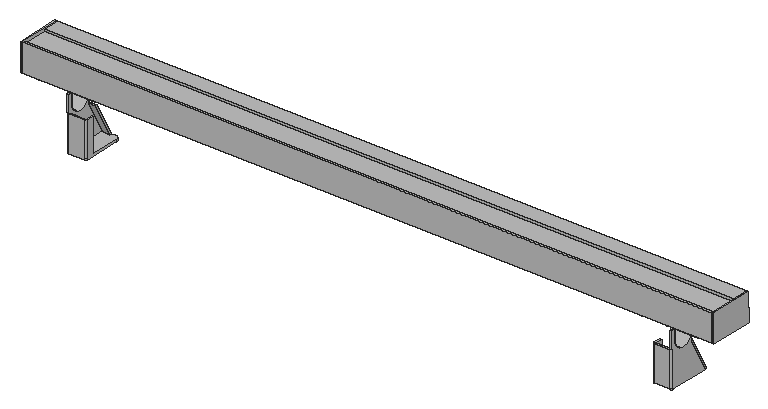
Revit family "4070756+4070747+4070771 Feilo Sylvania Lighting Fixtures CURSUS 876MM 653LM OVAL LED 4K with SINGLE WALL HOUSING with 70MM WALL BRACKET", category Lighting Fixtures, host Face, Revit 2017
Family settings
  Host = Face
  Round Connector Dimension = Use Diameter
  Part Type = Normal
  OmniClass Number = 23.80.70.14
  OmniClass Title = Luminaries for External Lighting
  Cut with Voids When Loaded = Yes
  Light Source = No
  Shared = No
  Room Calculation Point = No
Parameters (values of type "4070756 CURSUS 876MM 653LM OVAL LED 4K")
  Weight = "1.7 kg"
  Wattage Comments = "n/a"
  WarrantyStartDate [instance] = "n/a"
  WarrantyGuarantorParts = "n/a"
  WarrantyDurationUnit = "n/a"
  WarrantyDurationParts = "n/a"
  WarrantyDescription = "n/a"
  Voltage = 24 V
  URL = "http://www.sylvania-lighting.com"
  TypeName = "CURSUS 876MM 653LM OVAL LED 4K"
  TypeFixture_FEILO = CURSUS with SINGLE WALL HOUSING : CURSUS 876MM 653LM OVAL LED 4K
  Type Image = <None>
  Type Comments = "n/a"
  TiltAngle [instance] = 0.00°
  StartAngle [instance] = TiltAngle + 270.00°  # 270.00°
  SerialNumber [instance] = "n/a"
  ReflectorMaterial = none
  PowerFactor = 0
  PowerConsumption = "13.5 W"
  NominalLength = 876 mm
  NominalHeight = 50 mm
  NominalDepth = 30 mm
  Name = "CURSUS 876MM 653LM OVAL LED 4K"
  ModelReference = Name  # "CURSUS 876MM 653LM OVAL LED 4K"
  ModelNumber = "4070756"
  Model = Name  # "CURSUS 876MM 653LM OVAL LED 4K"
  Material = "natural anodised extruded aluminium structure housing, optical system with pmma lenses diffuser"
  ManufacturerName = "Feilo Sylvania"
  Manufacturer = "Feilo Sylvania"
  LuminousEfficacy = "48.37 lm/W"
  LuminaireType = ""
  LightOutputRatio = "100"
  LampsType = Lamp  # "LED"
  LampNominalLuminous = "653 lm"
  LampMacAdamStep = "n/a"
  LampColourTemperature = "4000 K"
  LampColourRenderingIndex = "80"
  Lamp = "LED"
  Keynote = "16500"
  InstallationDate [instance] = "n/a"
  InputVoltage = "24V DC"
  InputNominalFrequency = "n/a"
  IngressProtection = "IP67"
  ImpactProtectionIndex = "IK07"
  IfcExportType = "IfcLightFixtureType"
  IfcExportAs = "IfcLightFixtureType"
  ExpectedLife = 50000
  EndAngle [instance] = StartAngle - 180.00°  # 90.00°
  ElectricShockClassification = "Class III"
  DurationUnit = "hours"
  DocumentationLiterature = "http://www.sylvania-lighting.com/product/en-int/products/4070756"
  DimmingControlOptions = "n/a"
  DiffuserMaterial = Diffuser-Sylvania-Glow
  Description = "LED Exterior Lighting Recessed Surface Mounted Linear Fixture, Natural anodised extruded aluminium structure. Die-cast aluminium end caps. Installation kit with harmonic steel springs., 653 lm, 13,5W,  48lm/W, 4000K, CRI80+,non dimmable,IP67, IK07, (HxWxD) 876x50x30mm, 3 step Mac Adam Ellipse, 1.7kg,, Classe III, 21-25V-DC, energy class : A++, A+, A"
  Default Elevation = 1219.2 mm
  CreatedOn = "1/8/2018"
  CreatedBy = ""
  Cost = 0
  built-in parameter 1114216 [instance] = (empty or 0)
  ClassificationValue = "EF_70_80"
  ClassificationName = "Uniclass2015"
  BracketWidth = 24 mm
  BracketThickness = 2 mm
  BracketHeightEnd = 32 mm
  BracketHeight = 55 mm
  BracketFlange = BracketHeight / 5  # 11 mm
  BracketExtension = 70 mm
  BracketEndReduction = 25 mm
  BracketC = 22 mm  # constant formula
  BracketDistance = 745 mm
  BracketD = BracketHeightEnd - (BracketC * (BracketHeight - BracketHeightEnd) / (BracketExtension - BracketEndReduction))  # 20.756 mm
  BodyMaterial = Body-Sylvania-Gray
  BarCode [instance] = "n/a"
  AssetType = "Fixed"
  AssetIdentifier [instance] = "n/a"
  Assembly Code = "D5020200"
  Apparent Load = 13.5 VA
  AccessoryMaterial = Diffuser-Sylvania-Glow
Reference planes
  plane 1 "Center (Front/Back)": y = 0
  plane 2: z = 0
  plane 3 "Center (Left/Right)": x = 0
  plane 4: x = -384.5
  plane 5: x = 384.5
  plane 6: y = 55
  plane 7: x = -360.5
  plane 8: x = 360.5
  plane 9: z = 70
  plane 10: z = 56
  plane 11: z = 2
  plane 12: z = 45
  plane 13: x = -382.5
  plane 14: y = 53
  plane 15: y = 2
  plane 16: x = -362.5
  plane 17: x = 362.5
  plane 18: x = 382.5
  plane 19: x = -372.5
  plane 20: x = 372.5
  plane 21: y = 11
  plane 22: y = 32
  plane 23: y = 30
  plane 24: z = 67
  plane 25: y = 20.756
  plane 26: y = 16
Forms (mm)
  Blend 1, solid, material "Body-Sylvania-Gray" <- "BodyMaterial"
    base sketch origin (1223.4, -4572, 2) x (0, -1, 0) y (1, 0, 0)
      loop
        line (-4625, -1595.9) -> (-4627, -1595.9) -> (-4627, -1605.9)
        arc (-4627, -1605.9) -> (-4626.414, -1607.314) -> (-4625, -1607.9) r 2
        line (-4625, -1607.9) -> (-4574, -1607.9)
        arc (-4574, -1607.9) -> (-4572.586, -1607.314) -> (-4572, -1605.9) r 2
        line (-4572, -1605.9) -> (-4572, -1585.9)
        arc (-4572, -1585.9) -> (-4572.586, -1584.486) -> (-4574, -1583.9) r 2
        line (-4574, -1583.9) -> (-4583, -1583.9) -> (-4583, -1585.9) -> (-4574, -1585.9) -> (-4574, -1605.9) -> (-4625, -1605.9) -> (-4625, -1595.9)
    top sketch origin (1223.4, -4572, 2) x (0, -1, 0) y (1, 0, 0)
      loop
        line (-4583, -1585.9) -> (-4574, -1585.9) -> (-4574, -1605.9) -> (-4602, -1605.9) -> (-4602, -1595.9) -> (-4604, -1595.9) -> (-4604, -1605.9)
        arc (-4604, -1605.9) -> (-4603.52, -1607.21) -> (-4602.309, -1607.9) r 2.028
        line (-4602.309, -1607.9) -> (-4574, -1607.9)
        arc (-4574, -1607.9) -> (-4572.586, -1607.314) -> (-4572, -1605.9) r 2
        line (-4572, -1605.9) -> (-4572, -1585.9)
        arc (-4572, -1585.9) -> (-4572.586, -1584.486) -> (-4574, -1583.9) r 2
        line (-4574, -1583.9) -> (-4583, -1583.9) -> (-4583, -1585.9)
    from 0 to 43
  Extrusion 2, solid, material "Body-Sylvania-Gray" <- "BodyMaterial"
    sketch origin (0, 0, 0) x (1, 0, 0) y (0, 1, 0)
      loop
        arc (-382.5, 55) -> (-383.914, 54.414) -> (-384.5, 53) r 2
        line (-384.5, 53) -> (-384.5, 2)
        arc (-384.5, 2) -> (-383.914, 0.586) -> (-382.5, 0) r 2
        line (-382.5, 0) -> (-362.5, 0)
        arc (-362.5, 0) -> (-361.086, 0.586) -> (-360.5, 2) r 2
        line (-360.5, 2) -> (-360.5, 47.5)
        arc (-360.5, 47.5) -> (-362.697, 52.803) -> (-368, 55) r 7.5
        line (-368, 55) -> (-382.5, 55)
      loop
        line (382.5, 55) -> (368, 55)
        arc (368, 55) -> (362.697, 52.803) -> (360.5, 47.5) r 7.5
        line (360.5, 47.5) -> (360.5, 2)
        arc (360.5, 2) -> (361.086, 0.586) -> (362.5, 0) r 2
        line (362.5, 0) -> (382.5, 0)
        arc (382.5, 0) -> (383.914, 0.586) -> (384.5, 2) r 2
        line (384.5, 2) -> (384.5, 53)
        arc (384.5, 53) -> (383.914, 54.414) -> (382.5, 55) r 2
    from 0 to 2
  Blend 3, solid, material "Body-Sylvania-Gray" <- "BodyMaterial"
    base sketch origin (1223.4, -4572, 2) x (0, -1, 0) y (1, 0, 0)
      loop
        line (-4625, -840.9) -> (-4574, -840.9) -> (-4574, -860.9) -> (-4583, -860.9) -> (-4583, -862.9) -> (-4574, -862.9)
        arc (-4574, -862.9) -> (-4572.586, -862.314) -> (-4572, -860.9) r 2
        line (-4572, -860.9) -> (-4572, -840.9)
        arc (-4572, -840.9) -> (-4572.586, -839.486) -> (-4574, -838.9) r 2
        line (-4574, -838.9) -> (-4625, -838.9)
        arc (-4625, -838.9) -> (-4626.414, -839.486) -> (-4627, -840.9) r 2
        line (-4627, -840.9) -> (-4627, -850.9) -> (-4625, -850.9) -> (-4625, -840.9)
    top sketch origin (1223.4, -4572, 2) x (0, -1, 0) y (1, 0, 0)
      loop
        line (-4602, -850.9) -> (-4602, -840.9) -> (-4574, -840.9) -> (-4574, -860.9) -> (-4583, -860.9) -> (-4583, -862.9) -> (-4574, -862.9)
        arc (-4574, -862.9) -> (-4572.586, -862.314) -> (-4572, -860.9) r 2
        line (-4572, -860.9) -> (-4572, -840.9)
        arc (-4572, -840.9) -> (-4572.586, -839.486) -> (-4574, -838.9) r 2
        line (-4574, -838.9) -> (-4602, -838.9)
        arc (-4602, -838.9) -> (-4603.414, -839.486) -> (-4604, -840.9) r 2
        line (-4604, -840.9) -> (-4604, -850.9) -> (-4602, -850.9)
    from 0 to 43
  Blend 4, solid, material "Body-Sylvania-Gray" <- "BodyMaterial"
    base sketch origin (1223.4, -4572, 45) x (0, -1, 0) y (1, 0, 0)
      loop
        line (-4604, -1607.9) -> (-4572, -1607.9) -> (-4572, -1605.9) -> (-4604, -1605.9) -> (-4604, -1607.9)
    top sketch origin (1223.4, -4572, 45) x (0, -1, 0) y (1, 0, 0)
      loop
        line (-4572, -1607.9) -> (-4572, -1605.9) -> (-4592.756, -1605.9) -> (-4592.756, -1607.9) -> (-4572, -1607.9)
    from 0 to 22
  Blend 5, solid, material "Body-Sylvania-Gray" <- "BodyMaterial"
    base sketch origin (1223.4, -4572, 45) x (0, -1, 0) y (1, 0, 0)
      loop
        line (-4604, -840.9) -> (-4572, -840.9) -> (-4572, -838.9) -> (-4604, -838.9) -> (-4604, -840.9)
    top sketch origin (1223.4, -4572, 45) x (0, -1, 0) y (1, 0, 0)
      loop
        line (-4572, -838.9) -> (-4592.756, -838.9) -> (-4592.756, -840.9) -> (-4572, -840.9) -> (-4572, -838.9)
    from 0 to 22
  Extrusion 6, void
    sketch origin (0, 0, 0) x (0, 1, 0) y (0, 0, 1)
      loop
        line (0, 45) -> (2, 45) -> (2, 46.5) -> (0, 46.5) -> (0, 45)
      loop
        line (32, 45) -> (32, 46.5) -> (30, 46.5) -> (30, 45) -> (32, 45)
    from -384.5 to 384.5
  Revolve 7, solid, not visible
    sketch origin (1524, 16, 1219.2) x (1, 0, 0) y (0, 0, 1)
      loop
        line (-1524, -1152.2) -> (-1524, -1163.2) -> (-1151.5, -1163.2) -> (-1151.5, -1152.2) -> (-1524, -1152.2)
      axis (-1151.5, -1163.2) -> (-1524, -1163.2)
    angle from 270 <- "StartAngle" to 90 <- "EndAngle"
Cuts and joins
  Extrusion 6 cuts Blend 4
  Extrusion 6 cuts Blend 5
  joined: Blend 1, Extrusion 2, Blend 3, Blend 4, Blend 5
Lines and regions (mm)
  reference lines, not visible
    curve 1: line (-360.5, 16, 56) -> (360.5, 16, 56)
Dimensions and locks
  equal spacing: plane 4, plane 3 "Center (Left/Right)", plane 5
  "BracketDistance": plane 19 to plane 20
  "BracketHeight": plane 1 "Center (Front/Back)" to plane 6
  equal spacing: plane 7, plane 3 "Center (Left/Right)", plane 8
  "BracketWidth": plane 4 to plane 7
  "BracketExtension": plane 9 to plane 2
  "BracketThickness": plane 11 to plane 2
  "BracketEndReduction": plane 9 to plane 12
  equal spacing: plane 13, plane 3 "Center (Left/Right)", plane 18
  equal spacing: plane 16, plane 3 "Center (Left/Right)", plane 17
  "BracketThickness": plane 4 to plane 13
  "BracketThickness": plane 16 to plane 7
  "BracketThickness": plane 14 to plane 6
  "BracketThickness": plane 1 "Center (Front/Back)" to plane 15
  equal spacing: plane 4, plane 19, plane 7
  equal spacing: plane 8, plane 20, plane 5
  "BracketFlange": plane 1 "Center (Front/Back)" to plane 21
  "BracketHeightEnd": plane 1 "Center (Front/Back)" to plane 22
  "BracketThickness": plane 23 to plane 22
  locked: Extrusion 2 sketch curve to plane 7 at 7.5
  locked: Extrusion 2 sketch curve to plane 6 at 7.5  (x2)
  locked: plane 8 to Extrusion 2 sketch curve at 7.5
  "BracketC": plane 24 to plane 12
  "BracketD": plane 1 "Center (Front/Back)" to plane 25
  locked: plane 12 to Extrusion 6 sketch curve at 1.5
  equal spacing: plane 24, plane 10, plane 12
  equal spacing: plane 1 "Center (Front/Back)", plane 26, plane 22
  aligned and locked: plane 2 to host face
  aligned and locked: level to host face
  aligned and locked: plane 4 to Blend 1 sketch curve  (x2)
  aligned and locked: plane 13 to Blend 1 sketch curve  (x3)
  aligned and locked: Blend 1 sketch curve to plane 15
  aligned and locked: Blend 1 sketch curve to plane 16
  aligned and locked: Blend 1 sketch curve to plane 21
  aligned and locked: plane 7 to Blend 1 sketch curve
  aligned and locked: plane 16 to Blend 1 sketch curve
  aligned and locked: plane 1 "Center (Front/Back)" to Blend 1 sketch curve
  aligned and locked: plane 14 to Blend 1 sketch curve
  aligned and locked: Blend 1 sketch curve to var sketch  (x6)
  aligned and locked: Blend 1 sketch curve to plane 19
  aligned and locked: Blend 1 sketch curve to plane 22
  aligned and locked: plane 23 to Blend 1 sketch curve
  aligned and locked: plane 11 to Blend 1
  aligned and locked: Extrusion 2 sketch curve to Blend 1  (x3)
  aligned and locked: Extrusion 2 to level
  aligned and locked: Extrusion 2 to plane 11
  aligned and locked: Extrusion 2 sketch curve to plane 7
  aligned and locked: plane 18 to Blend 3 sketch curve  (x4)
  aligned and locked: plane 14 to Blend 3 sketch curve  (x2)
  aligned and locked: Blend 3 sketch curve to plane 20
  aligned and locked: Blend 3 sketch curve to plane 6
  aligned and locked: plane 5 to Blend 3 sketch curve
  aligned and locked: plane 1 "Center (Front/Back)" to Blend 3 sketch curve
  aligned and locked: plane 15 to Blend 3 sketch curve  (x2)
  aligned and locked: Blend 3 sketch curve to plane 8
  aligned and locked: Blend 3 sketch curve to plane 21
  aligned and locked: plane 17 to Blend 3 sketch curve
  aligned and locked: Blend 3 sketch curve to plane 18
  aligned and locked: plane 20 to Blend 3 sketch curve  (x2)
  aligned and locked: Blend 3 sketch curve to plane 23
  aligned and locked: Blend 3 sketch curve to var sketch  (x8)
  aligned and locked: var sketch to Blend 3 sketch curve
  aligned and locked: plane 22 to Blend 3 sketch curve
  aligned and locked: plane 11 to Blend 3
  aligned and locked: Extrusion 2 sketch curve to Blend 3  (x4)
  aligned and locked: Blend 1 to plane 12
  aligned and locked: Blend 3 to plane 12
  aligned and locked: Blend 4 sketch curve to plane 22
  aligned and locked: Blend 4 sketch curve to cut or joined group of Blend 1, Extrusion 2, Blend 3, Blend 4, Blend 5, Extrusion 6  (x2)
  aligned and locked: cut or joined group of Blend 1, Extrusion 2, Blend 3, Blend 4, Blend 5, Extrusion 6 to Blend 4 sketch curve
  aligned and locked: Blend 4 sketch curve to var sketch  (x2)
  aligned and locked: Blend 4 sketch curve to plane 13
  aligned and locked: Blend 4 to plane 24
  aligned and locked: Blend 4 sketch curve to plane 25
  aligned and locked: Blend 5 sketch curve to plane 18  (x2)
  aligned and locked: plane 1 "Center (Front/Back)" to Blend 5 sketch curve
  aligned and locked: plane 5 to Blend 5 sketch curve
  aligned and locked: plane 22 to Blend 5 sketch curve
  aligned and locked: Blend 5 sketch curve to var sketch
  aligned and locked: var sketch to Blend 5 sketch curve
  aligned and locked: Blend 5 sketch curve to plane 25
  aligned and locked: Blend 5 to plane 24
  aligned and locked: plane 12 to Blend 5
  aligned and locked: Extrusion 6 sketch curve to cut or joined group of Blend 1, Extrusion 2, Blend 3, Blend 4, Blend 5, Extrusion 6  (x2)
  aligned and locked: Extrusion 6 sketch curve to Extrusion 6 sketch curve
  aligned and locked: Extrusion 6 sketch curve to plane 15
  aligned and locked: plane 5 to Extrusion 6
  aligned and locked: Extrusion 6 to plane 4
  aligned and locked: Extrusion 6 sketch curve to plane 23
  aligned and locked: Revolve 7 sketch curve to plane 10  (x2)
  aligned and locked: plane 24 to Revolve 7 sketch curve
  aligned and locked: plane 3 "Center (Left/Right)" to Revolve 7 sketch curve
  aligned and locked: Revolve 7 sketch curve to plane 20
  aligned and locked: plane 7 to curve 1
  aligned and locked: plane 10 to curve 1
  aligned and locked: nested 1 to plane 5
  aligned and locked: nested 2 to plane 4
  aligned and locked: nested 1 to curve 1
  aligned and locked: nested 2 to curve 1
  aligned and locked: nested 1 to nested 3
  aligned and locked: nested 3 to plane 3 "Center (Left/Right)"
Automatic sketch dimensions
  host sketch curve to host sketch curve = 2438.4 mm  (x2)
  Blend 1 sketch curve to plane 13 = 0 mm
  plane 15 to Blend 1 sketch curve = 0 mm  (x3)
  Blend 1 sketch curve to plane 23 = 0.309 mm
  plane 6 to Blend 1 sketch curve = 0 mm
  plane 14 to Blend 1 sketch curve = 0 mm
  Blend 1 sketch curve to plane 19 = 0 mm
  Blend 3 sketch curve to plane 17 = 0 mm
  Extrusion 6 sketch curve to plane 1 "Center (Front/Back)" = 0 mm
  plane 12 to Extrusion 6 sketch curve = 0 mm
  Revolve 7 sketch curve to plane 4 = 1153 mm
  plane 5 to Revolve 7 sketch curve = 1161.4 mm
  curve 1 to plane 8 = 0 mm
Nested families
  nested 1: "MountingPlate" at (383.5, 16, 56) x (-1, 0, 0) z (0, 0, 1), type "MountingPlate"
  nested 2: "MountingPlate" at (-383.5, 16, 56) x (-1, 0, 0) z (0, 0, 1), type "MountingPlate"
  nested 3: "CURSUS with SINGLE WALL HOUSING" at (0, -4, 74) x (-1, 0, 0) z (0, 0, 1), type <- "TypeFixture_FEILO", type "CURSUS 876MM 653LM OVAL LED 4K"
    with WarrantyStartDate "n/a", SerialNumber "n/a", InstallationDate "n/a", EndCapRight yes, EndCapLeft yes, built-in parameter 1114216 (empty or 0), BarCode "n/a", AssetIdentifier "n/a"
Connectors
  electrical at (0, 0, 0), driven by "Voltage", driven by "Apparent Load", driven by "PowerFactor"
    settings: index 1, voltage 24 V, apparent load 13.5 VA, apparent load phase1 0 VA, apparent load phase2 0 VA, apparent load phase3 0 VA, power factor 0, load classification "Other", number of poles 1, system type 30, power factor state 1, is connector primary yes, connector utility no, sub classification motor no, connector description ""
Definition of nested family "MountingPlate"
  Parameters (values of type "MountingPlate")
    URL = "http://www.feilosylvania.com"
    Type Comments = "n/a"
    ReflectorMaterial = none
    MountingPlateWidth = 76 mm
    MountingPlateThickness = 2 mm
    MountingPlateRadiusBack = 12 mm
    MountingPlateRadius = 3 mm
    MountingPlateHeight = 35 mm
    Model = "n/a"
    Manufacturer = "Feilo Sylvania"
    Keynote = "n/a"
    DiffuserMaterial = none
    Description = "n/a"
    Default Elevation = 1219.2 mm
    Cost = 0
    BodyMaterial = none
    Assembly Code = "n/a"
    AccessoryMaterial = none
  Reference planes
    plane 1 "Center (Front/Back)": y = 0
    plane 2: z = 0
    plane 3 "Center (Left/Right)": x = 0
    plane 4: x = -38
    plane 5: x = 38
    plane 6: y = 17.5
    plane 7: y = -17.5
    plane 8: x = -3
    plane 9: x = 3
    plane 10: z = 18
    plane 11: z = 16
    plane 12: y = 12.5
    plane 13: y = -12.5
    plane 14: x = -1
    plane 15: x = 1
    plane 16: z = -12.5
    plane 17: z = -14.5
  Forms (mm)
    Extrusion 1, solid
      sketch origin (1.653, 0, 0) x (1, 0, 0) y (0, 1, 0)
        loop
          line (-1219.2, 1219.2) -> (-1219.2, -1219.2) -> (1219.2, -1219.2) -> (1219.2, 1219.2) -> (-1219.2, 1219.2)
      from 0 to -304.8
    Extrusion 2, solid, material <- "BodyMaterial"
      sketch origin (1218.4, -4572, 16) x (0, -1, 0) y (-1, 0, 0)
        loop
          line (-4589.5, 1253.4) -> (-4589.5, 1224.4)
          arc (-4589.5, 1224.4) -> (-4588.621, 1222.279) -> (-4586.5, 1221.4) r 3
          line (-4586.5, 1221.4) -> (-4557.5, 1221.4)
          arc (-4557.5, 1221.4) -> (-4555.379, 1222.279) -> (-4554.5, 1224.4) r 3
          line (-4554.5, 1224.4) -> (-4554.5, 1253.4)
          arc (-4554.5, 1253.4) -> (-4555.379, 1255.521) -> (-4557.5, 1256.4) r 3
          line (-4557.5, 1256.4) -> (-4586.5, 1256.4)
          arc (-4586.5, 1256.4) -> (-4588.621, 1255.521) -> (-4589.5, 1253.4) r 3
        loop
          arc (-4589.5, 1183.4) -> (-4588.621, 1181.279) -> (-4586.5, 1180.4) r 3
          line (-4586.5, 1180.4) -> (-4557.5, 1180.4)
          arc (-4557.5, 1180.4) -> (-4555.379, 1181.279) -> (-4554.5, 1183.4) r 3
          line (-4554.5, 1183.4) -> (-4554.5, 1212.4)
          arc (-4554.5, 1212.4) -> (-4555.379, 1214.521) -> (-4557.5, 1215.4) r 3
          line (-4557.5, 1215.4) -> (-4586.5, 1215.4)
          arc (-4586.5, 1215.4) -> (-4588.621, 1214.521) -> (-4589.5, 1212.4) r 3
          line (-4589.5, 1212.4) -> (-4589.5, 1183.4)
      from 0 to -2
    Extrusion 3, solid, material <- "BodyMaterial"
      sketch origin (0, 0, 0) x (1, 0, 0) y (0, 0, 1)
        loop
          line (-3, 18) -> (-3, -12.5) -> (-1, -12.5) -> (-1, 16)
          arc (-1, 16) -> (-1.586, 17.414) -> (-3, 18) r 2
        loop
          line (3, -12.5) -> (3, 18)
          arc (3, 18) -> (1.586, 17.414) -> (1, 16) r 2
          line (1, 16) -> (1, -12.5) -> (3, -12.5)
      from -12.5 to 12.5
    Extrusion 4, void
      sketch origin (0, 0, 0) x (0, 1, 0) y (0, 0, 1)
        loop
          line (-12.5, -0.5) -> (-17.5, -0.5) -> (-17.5, -14.5) -> (-0.5, -14.5) -> (-0.5, -12.5)
          arc (-0.5, -12.5) -> (-8.985, -8.985) -> (-12.5, -0.5) r 12
        loop
          line (0.5, -12.5) -> (0.5, -14.5) -> (17.5, -14.5) -> (17.5, -0.5) -> (12.5, -0.5)
          arc (12.5, -0.5) -> (8.985, -8.985) -> (0.5, -12.5) r 12
      from -3 to 3
  Cuts and joins
    Extrusion 4 cuts Extrusion 2
    Extrusion 4 cuts Extrusion 3
    joined: Extrusion 2, Extrusion 3
  Lines and regions (mm)
    reference lines
      curve 1: line (-38, 0, 0) -> (38, 0, 0)
  Dimensions and locks
    equal spacing: plane 4, plane 3 "Center (Left/Right)", plane 5
    "MountingPlateWidth": plane 4 to plane 5
    equal spacing: plane 7, plane 1 "Center (Front/Back)", plane 6
    "MountingPlateHeight": plane 7 to plane 6
    equal spacing: plane 8, plane 3 "Center (Left/Right)", plane 9
    "MountingPlateHeight": plane 4 to plane 8
    locked: plane 10 to plane 2 at 18
    "MountingPlateThickness": plane 10 to plane 11
    equal spacing: plane 13, plane 1 "Center (Front/Back)", plane 12
    locked: plane 13 to plane 12 at 25
    "MountingPlateRadius": plane 4 to Extrusion 2 sketch curve  (x2)
    "MountingPlateRadius": Extrusion 2 sketch curve to plane 6  (x4)
    "MountingPlateRadius": Extrusion 2 sketch curve to plane 8  (x2)
    "MountingPlateRadius": plane 7 to Extrusion 2 sketch curve  (x4)
    "MountingPlateRadius": plane 9 to Extrusion 2 sketch curve  (x2)
    "MountingPlateRadius": Extrusion 2 sketch curve to plane 5  (x2)
    equal spacing: plane 15, plane 3 "Center (Left/Right)", plane 14
    "MountingPlateThickness": plane 14 to plane 8
    locked: plane 2 to plane 16 at 12.5
    locked: plane 17 to plane 16 at 2
    "MountingPlateRadiusBack": plane 13 to Extrusion 4 sketch curve
    "MountingPlateRadiusBack": plane 16 to Extrusion 4 sketch curve  (x2)
    "MountingPlateRadiusBack": Extrusion 4 sketch curve to plane 12
    aligned and locked: plane 2 to Extrusion 1
    aligned and locked: level to Extrusion 1
    aligned and locked: Extrusion 2 sketch curve to plane 6
    aligned and locked: Extrusion 2 sketch curve to plane 4
    aligned and locked: plane 7 to Extrusion 2 sketch curve
    aligned and locked: plane 8 to Extrusion 2 sketch curve
    aligned and locked: plane 6 to Extrusion 2 sketch curve
    aligned and locked: Extrusion 2 sketch curve to plane 5
    aligned and locked: Extrusion 2 sketch curve to plane 7
    aligned and locked: plane 9 to Extrusion 2 sketch curve
    aligned and locked: Extrusion 2 to plane 10
    aligned and locked: plane 11 to Extrusion 2
    aligned and locked: Extrusion 3 sketch curve to Extrusion 2  (x2)
    aligned and locked: plane 16 to Extrusion 3 sketch curve  (x2)
    aligned and locked: plane 14 to Extrusion 3 sketch curve
    aligned and locked: plane 9 to Extrusion 3 sketch curve
    aligned and locked: plane 15 to Extrusion 3 sketch curve
    aligned and locked: Extrusion 3 to plane 12
    aligned and locked: plane 13 to Extrusion 3
    aligned and locked: plane 17 to Extrusion 4 sketch curve  (x2)
    aligned and locked: Extrusion 4 sketch curve to plane 7
    aligned and locked: Extrusion 4 sketch curve to plane 6
    aligned and locked: plane 9 to Extrusion 4
    aligned and locked: Extrusion 4 to plane 8
    aligned and locked: plane 4 to curve 1
    aligned and locked: curve 1 to level
  Automatic sketch dimensions
    Extrusion 1 sketch curve to Extrusion 1 sketch curve = 2438.4 mm  (x2)
    Extrusion 3 sketch curve to plane 11 = 0 mm
    curve 1 to plane 5 = 0 mm
    Extrusion 4 sketch curve to plane 13 = 0 mm
    Extrusion 4 sketch curve to plane 12 = 0 mm
Definition of nested family "CURSUS with SINGLE WALL HOUSING"
  Parameters (values of type "CURSUS 1161MM 827LM OVAL LED 3K")
    Width_FEILO = 35 mm
    Weight = "2.2 kg"
    Wattage Comments = "n/a"
    Wattage = 18 W
    WarrantyStartDate [instance] = "n/a"
    WarrantyGuarantorParts = "n/a"
    WarrantyDurationUnit = "n/a"
    WarrantyDurationParts = "n/a"
    WarrantyDescription = "n/a"
    WallThickness_FEILO = 2.5 mm
    built-in parameter 1150110 = 1 (stored number, unit not read)
    Voltage = 24 V
    URL = "http://www.feilosylvania.com"
    TypeName = "CURSUS 1161MM 827LM OVAL LED 3K"
    Type Image = (empty or 0)
    Type Comments = "n/a"
    built-in parameter 1114217 = 1 (stored number, unit not read)
    Tilt Angle = -90.00°
    built-in parameter 1150109 = 1 (stored number, unit not read)
    built-in parameter 1150134 = (empty or 0)
    built-in parameter 1150113 = 1 (stored number, unit not read)
    SerialNumber [instance] = "n/a"
    ReflectorMaterial = none
    PowerFactor = 0
    PowerConsumption = "18 W"
    Photometric Web File = "4070765.ies"
    NominalLength = 1161 mm
    NominalHeight = 50 mm
    NominalDepth = 30 mm
    Name = "CURSUS 1161MM 827LM OVAL LED 3K"
    ModelReference = Name  # "CURSUS 1161MM 827LM OVAL LED 3K"
    ModelNumber = ""
    Model = Name  # "CURSUS 1161MM 827LM OVAL LED 3K"
    Material = "natural anodised extruded aluminium structure housing, optical system with pmma lenses diffuser"
    ManufacturerName = "Feilo Sylvania"
    Manufacturer = "Feilo Sylvania"
    LuminousEfficacy = "45.94 lm/W"
    built-in parameter 1150105 = 1166.5 (stored number, unit not read)
    Lumens = 827 lm
    LuminaireType = ""
    built-in parameter 1150115 = 1 (stored number, unit not read)
    LightOutputRatio = "100"
    built-in parameter 1150137 = (empty or 0)
    built-in parameter 1150139 = (empty or 0)
    Length_FEILO = 1167 mm
    LampsType = Lamp  # "LED"
    LampNominalLuminous = "827 lm"
    LampMacAdamStep = "n/a"
    LampColourTemperature = "3000 K"
    LampColourRenderingIndex = "80"
    built-in parameter 1150112 = 1 (stored number, unit not read)
    built-in parameter 1150114 = 1 (stored number, unit not read)
    Lamp = "LED"
    Keynote = "16500"
    InstallationDate [instance] = "n/a"
    InputVoltage = "24V DC"
    InputNominalFrequency = "n/a"
    built-in parameter 1150132 = (empty or 0)
    built-in parameter 1150102 = (empty or 0)
    built-in parameter 1150107 = 3000 (stored number, unit not read)
    built-in parameter 1150138 = (empty or 0)
    IngressProtection = "IP67"
    ImpactProtectionIndex = "IK07"
    built-in parameter 1150106 = 11.665 (stored number, unit not read)
    IfcExportType = "IfcLightFixtureType"
    IfcExportAs = "IfcLightFixtureType"
    ExpectedLife = 50000
    EndCapRight [instance] = yes
    EndCapLeft [instance] = yes
    Emit from Rectangle Width = Width_FEILO - WallThickness_FEILO * 2  # 30 mm
    Emit from Rectangle Length = Length_FEILO - WallThickness_FEILO * 2  # 1162 mm
    Emit Shape Visible in Rendering = no
    ElectricShockClassification = "Class III"
    built-in parameter 1150104 = 4.2684 (stored number, unit not read)
    DurationUnit = "hours"
    DocumentationLiterature = "http://www.feilosylvania.com/product/en-int/products/4070765"
    DimmingControlOptions = "n/a"
    Dimming Lamp Color Temperature Shift = (empty or 0)
    DiffuserMaterial = none
    Description = "LED Exterior Lighting Recessed Surface Mounted Linear Fixture, Natural anodised extruded aluminium structure. Die-cast aluminium end caps. Installation kit with harmonic steel springs., 827 lm, 18W, 45lm/W, 3000K, CRI80+,non dimmable,IP67, IK07, (HxWxD) 1161x50x30mm, 3 step Mac Adam Ellipse, 2.2kg,, Classe III, 21-25V-DC, energy class : A++, A+, A"
    Default Elevation = 1219.2 mm
    CreatedOn = "1/8/2018"
    CreatedBy = "aron.fodor@feilosylvania.com"
    Cost = 0
    Color Filter = 16777215
    built-in parameter 1114216 [instance] = (empty or 0)
    ClassificationValue = "EF_70_80"
    ClassificationName = "Uniclass2015"
    BodyMaterial = none
    BarCode [instance] = "n/a"
    built-in parameter 1114218 = 1 (stored number, unit not read)
    built-in parameter 1150133 = 10 (stored number, unit not read)
    AssetType = "Fixed"
    AssetIdentifier [instance] = "n/a"
    Assembly Code = "D5020200"
    Apparent Load = 18 VA
    AccessoryMaterial = none
  Types (16, lengths in mm): name | Weight | Wattage | Voltage | TypeName | built-in parameter 1150134 | PowerConsumption | Photometric Web File | NominalLength | Name | ModelReference | Model | Material | LuminousEfficacy | built-in parameter 1150105 | Lumens | Length_FEILO | LampNominalLuminous | LampColourTemperature | InputVoltage | InputNominalFrequency | built-in parameter 1150107 | built-in parameter 1150106 | Emit from Rectangle Length | built-in parameter 1150104 | DocumentationLiterature | Description | Apparent Load
    CURSUS 1161MM 827LM OVAL LED 3K | "2.2 kg" | 18 W | 24 V | "CURSUS 1161MM 827LM OVAL LED 3K" | (empty or 0) | "18 W" | "4070765.ies" | 1161 | "CURSUS 1161MM 827LM OVAL LED 3K" | "CURSUS 1161MM 827LM OVAL LED 3K" | "CURSUS 1161MM 827LM OVAL LED 3K" | "natural anodised extruded aluminium structure housing, optical system with pmma lenses diffuser" | "45.94 lm/W" | 1166.5 (stored number, unit not read) | 827 lm | 1167 | "827 lm" | "3000 K" | "24V DC" | "n/a" | 3000 (stored number, unit not read) | 11.665 (stored number, unit not read) | 1162 | 4.2684 (stored number, unit not read) | "http://www.feilosylvania.com/product/en-int/products/4070765" | "LED Exterior Lighting Recessed Surface Mounted Linear Fixture, Natural anodised extruded aluminium structure. Die-cast aluminium end caps. Installation kit with harmonic steel springs., 827 lm, 18W, 45lm/W, 3000K, CRI80+,non dimmable,IP67, IK07, (HxWxD) 1161x50x30mm, 3 step Mac Adam Ellipse, 2.2kg,, Classe III, 21-25V-DC, energy class : A++, A+, A" | 18 VA
    CURSUS 1161MM 731LM WIDE LED 3K | "2.2 kg" | 18 W | 230 V | "CURSUS 1161MM 731LM WIDE LED 3K" | (empty or 0) | "18 W" | "4070764.ies" | 1161 | "CURSUS 1161MM 731LM WIDE LED 3K" | "CURSUS 1161MM 731LM WIDE LED 3K" | "CURSUS 1161MM 731LM WIDE LED 3K" | "natural anodised extruded aluminium structure housing" | "40.61 lm/W" | 403.47 (stored number, unit not read) | 731 lm | 1167 | "731 lm" | "3000 K" | "220-240V~" | "n/a" | 3000 (stored number, unit not read) | 4.0347 (stored number, unit not read) | 1162 | 3.7729 (stored number, unit not read) | "http://www.feilosylvania.com/product/en-int/products/4070764" | "LED Exterior Lighting Recessed Surface Mounted Linear Fixture, Natural anodised extruded aluminium structure. Die-cast aluminium end caps. Installation kit with harmonic steel springs., 731 lm, 18W, 40lm/W, 3000K, CRI80+,non dimmable,IP67, IK07, (HxWxD) 1161x50x30mm, 3 step Mac Adam Ellipse, 2.2kg,, Classe III, 21-25V-DC, energy class : A++, A+, A" | 18 VA
    CURSUS 1161MM 871LM OVAL LED 4K | "2.2 kg" | 18 W | 24 V | "CURSUS 1161MM 871LM OVAL LED 4K" | 12 | "18 W" | "4070763.ies" | 1161 | "CURSUS 1161MM 871LM OVAL LED 4K" | "CURSUS 1161MM 871LM OVAL LED 4K" | "CURSUS 1161MM 871LM OVAL LED 4K" | "natural anodised extruded aluminium structure housing, optical system with pmma lenses diffuser" | "48.38 lm/W" | 1192.8 (stored number, unit not read) | 871 lm | 1167 | "871 lm" | "4000 K" | "24V DC" | "50/60 Hz" | 4000 (stored number, unit not read) | 11.928 (stored number, unit not read) | 1162 | 4.4955 (stored number, unit not read) | "http://www.feilosylvania.com/product/en-int/products/4070763" | "LED Exterior Lighting Recessed Surface Mounted Linear Fixture, Natural anodised extruded aluminium structure. Die-cast aluminium end caps. Installation kit with harmonic steel springs., 871 lm, 18W,  48lm/W, 4000K, CRI80+,non dimmable,IP67, IK07, (HxWxD) 1161x50x30mm, 3 step Mac Adam Ellipse, 2.2kg,, Classe III, 21-25V-DC, energy class : A++, A+, A" | 18 VA
    CURSUS 1161MM 770LM WIDE LED 4K | "2.2 kg" | 18 W | 230 V | "CURSUS 1161MM 770LM WIDE LED 4K" | 12 | "18 W" | "4070762.ies" | 1161 | "CURSUS 1161MM 770LM WIDE LED 4K" | "CURSUS 1161MM 770LM WIDE LED 4K" | "CURSUS 1161MM 770LM WIDE LED 4K" | "natural anodised extruded aluminium structure housing" | "42.77 lm/W" | 424.94 (stored number, unit not read) | 770 lm | 1167 | "770 lm" | "4000 K" | "220-240V~" | "n/a" | 4000 (stored number, unit not read) | 4.2494 (stored number, unit not read) | 1162 | 3.9742 (stored number, unit not read) | "http://www.feilosylvania.com/product/en-int/products/4070762" | "LED Exterior Lighting Recessed Surface Mounted Linear Fixture, Natural anodised extruded aluminium structure. Die-cast aluminium end caps. Installation kit with harmonic steel springs., 770 lm, 18W,  42lm/W, 4000K, CRI80+,non dimmable,IP67, IK07, (HxWxD) 1161x50x30mm, 3 step Mac Adam Ellipse, 2.2kg,, Classe III, 21-25V-DC, energy class : A++, A+, A" | 18 VA
    CURSUS 876MM 620LM OVAL LED 3K | "1.7 kg" | 13.5 W | 24 V | "CURSUS 876MM 620LM OVAL LED 3K" | (empty or 0) | "13.5 W" | "4070758.ies" | 876 | "CURSUS 876MM 620LM OVAL LED 3K" | "CURSUS 876MM 620LM OVAL LED 3K" | "CURSUS 876MM 620LM OVAL LED 3K" | "natural anodised extruded aluminium structure housing, optical system with pmma lenses diffuser" | "45.92 lm/W" | 874.55 (stored number, unit not read) | 620 lm | 882 | "620 lm" | "3000 K" | "24V DC" | "50/60 Hz" | 3000 (stored number, unit not read) | 8.7455 (stored number, unit not read) | 877 | 4.2667 (stored number, unit not read) | "http://www.feilosylvania.com/product/en-int/products/4070758" | "LED Exterior Lighting Recessed Surface Mounted Linear Fixture, Natural anodised extruded aluminium structure. Die-cast aluminium end caps. Installation kit with harmonic steel springs., 620 lm, 13,5W, 45lm/W, 3000K, CRI80+,non dimmable,IP67, IK07, (HxWxD) 876x50x30mm, 3 step Mac Adam Ellipse, 1.7kg,, Classe III, 21-25V-DC, energy class : A++, A+, A" | 13.5 VA
    CURSUS 876MM 548LM WIDE LED 3K | "1.7 kg" | 13.5 W | 24 V | "CURSUS 876MM 548LM WIDE LED 3K" | (empty or 0) | "13.5 W" | "4070757.ies" | 876 | "CURSUS 876MM 548LM WIDE LED 3K" | "CURSUS 876MM 548LM WIDE LED 3K" | "CURSUS 876MM 548LM WIDE LED 3K" | "natural anodised extruded aluminium structure housing" | "40.59 lm/W" | 302.47 (stored number, unit not read) | 548 lm | 882 | "548 lm" | "3000 K" | "24V DC" | "n/a" | 3000 (stored number, unit not read) | 3.0247 (stored number, unit not read) | 877 | 3.7712 (stored number, unit not read) | "http://www.feilosylvania.com/product/en-int/products/4070757" | "LED Exterior Lighting Recessed Surface Mounted Linear Fixture, Natural anodised extruded aluminium structure. Die-cast aluminium end caps. Installation kit with harmonic steel springs., 548 lm, 13,5W, 40lm/W, 3000K, CRI80+,non dimmable,IP67, IK07, (HxWxD) 876x50x30mm, 3 step Mac Adam Ellipse, 1.7kg,, Classe III, 21-25V-DC, energy class : A++, A+, A" | 13.5 VA
    CURSUS 876MM 653LM OVAL LED 4K | "1.7 kg" | 13.5 W | 24 V | "CURSUS 876MM 653LM OVAL LED 4K" | 12 | "13.5 W" | "4070756.ies" | 876 | "CURSUS 876MM 653LM OVAL LED 4K" | "CURSUS 876MM 653LM OVAL LED 4K" | "CURSUS 876MM 653LM OVAL LED 4K" | "natural anodised extruded aluminium structure housing, optical system with pmma lenses diffuser" | "48.37 lm/W" | 894.28 (stored number, unit not read) | 653 lm | 882 | "653 lm" | "4000 K" | "24V DC" | "n/a" | 4000 (stored number, unit not read) | 8.9428 (stored number, unit not read) | 877 | 4.4938 (stored number, unit not read) | "http://www.feilosylvania.com/product/en-int/products/4070756" | "LED Exterior Lighting Recessed Surface Mounted Linear Fixture, Natural anodised extruded aluminium structure. Die-cast aluminium end caps. Installation kit with harmonic steel springs., 653 lm, 13,5W,  48lm/W, 4000K, CRI80+,non dimmable,IP67, IK07, (HxWxD) 876x50x30mm, 3 step Mac Adam Ellipse, 1.7kg,, Classe III, 21-25V-DC, energy class : A++, A+, A" | 13.5 VA
    CURSUS 876MM 577LM WIDE LED 4K | "1.7 kg" | 13.5 W | 24 V | "CURSUS 876MM 577LM WIDE LED 4K" | 12 | "13.5 W" | "4070755.ies" | 876 | "CURSUS 876MM 577LM WIDE LED 4K" | "CURSUS 876MM 577LM WIDE LED 4K" | "CURSUS 876MM 577LM WIDE LED 4K" | "natural anodised extruded aluminium structure housing" | "42.74 lm/W" | 318.43 (stored number, unit not read) | 577 lm | 882 | "577 lm" | "4000 K" | "24V DC" | "n/a" | 4000 (stored number, unit not read) | 3.1843 (stored number, unit not read) | 877 | 3.9707 (stored number, unit not read) | "http://www.feilosylvania.com/product/en-int/products/4070755" | "LED Exterior Lighting Recessed Surface Mounted Linear Fixture, Natural anodised extruded aluminium structure. Die-cast aluminium end caps. Installation kit with harmonic steel springs., 577 lm, 13,5W,  42lm/W, 4000K, CRI80+,non dimmable,IP67, IK07, (HxWxD) 876x50x30mm, 3 step Mac Adam Ellipse, 1.7kg,, Classe III, 21-25V-DC, energy class : A++, A+, A" | 13.5 VA
    CURSUS 591MM 414LM OVAL LED 3K | "1.2 kg" | 9 W | 24 V | "CURSUS 591MM 414LM OVAL LED 3K" | (empty or 0) | "9 W" | "4070751.ies" | 591 | "CURSUS 591MM 414LM OVAL LED 3K" | "CURSUS 591MM 414LM OVAL LED 3K" | "CURSUS 591MM 414LM OVAL LED 3K" | "natural anodised extruded aluminium structure housing, optical system with pmma lenses diffuser" | "46 lm/W" | 583.97 (stored number, unit not read) | 414 lm | 597 | "414 lm" | "3000 K" | "24V DC" | "n/a" | 3000 (stored number, unit not read) | 5.8397 (stored number, unit not read) | 592 | 4.2735 (stored number, unit not read) | "http://www.feilosylvania.com/product/en-int/products/4070751" | "LED Exterior Lighting Recessed Surface Mounted Linear Fixture, Natural anodised extruded aluminium structure. Die-cast aluminium end caps. Installation kit with harmonic steel springs., 414 lm, 9W, 46lm/W, 3000K, CRI80+,non dimmable,IP67, IK07, (HxWxD) 591x50x30mm, 3 step Mac Adam Ellipse, 1.2kg,, Classe III, 21-25V-DC, energy class : A++, A+, A" | 9 VA
    CURSUS 591MM 365LM WIDE LED 3K | "1.2 kg" | 9 W | 24 V | "CURSUS 591MM 365LM WIDE LED 3K" | (empty or 0) | "9 W" | "4070750.ies" | 591 | "CURSUS 591MM 365LM WIDE LED 3K" | "CURSUS 591MM 365LM WIDE LED 3K" | "CURSUS 591MM 365LM WIDE LED 3K" | "natural anodised extruded aluminium structure housing" | "40.55 lm/W" | 201.45 (stored number, unit not read) | 365 lm | 597 | "365 lm" | "3000 K" | "24V DC" | "n/a" | 3000 (stored number, unit not read) | 2.0145 (stored number, unit not read) | 592 | 3.7677 (stored number, unit not read) | "http://www.feilosylvania.com/product/en-int/products/4070750" | "LED Exterior Lighting Recessed Surface Mounted Linear Fixture, Natural anodised extruded aluminium structure. Die-cast aluminium end caps. Installation kit with harmonic steel springs., 365 lm, 9W, 40lm/W, 3000K, CRI80+,non dimmable,IP67, IK07, (HxWxD) 591x50x30mm, 3 step Mac Adam Ellipse, 1.2kg,, Classe III, 21-25V-DC, energy class : A++, A+, A" | 9 VA
    CURSUS 591MM 435LM OVAL LED 4K | "1.2 kg" | 9 W | 24 V | "CURSUS 591MM 435LM OVAL LED 4K" | 12 | "9 W" | "4070749.ies" | 591 | "CURSUS 591MM 435LM OVAL LED 4K" | "CURSUS 591MM 435LM OVAL LED 4K" | "CURSUS 591MM 435LM OVAL LED 4K" | "natural anodised extruded aluminium structure housing, optical system with pmma lenses diffuser" | "48.33 lm/W" | 595.73 (stored number, unit not read) | 435 lm | 597 | "435 lm" | "4000 K" | "24V DC" | "n/a" | 4000 (stored number, unit not read) | 5.9573 (stored number, unit not read) | 592 | 4.4903 (stored number, unit not read) | "http://www.feilosylvania.com/product/en-int/products/4070749" | "LED Exterior Lighting Recessed Surface Mounted Linear Fixture, Natural anodised extruded aluminium structure. Die-cast aluminium end caps. Installation kit with harmonic steel springs., 435 lm, 9W, 48lm/W, 4000K, CRI80+,non dimmable,IP67, IK07, (HxWxD) 591x50x30mm, 3 step Mac Adam Ellipse, 1.2kg,, Classe III, 21-25V-DC, energy class : A++, A+, A" | 9 VA
    CURSUS 591MM 385LM WIDE LED 4K | "1.2 kg" | 9 W | 24 V | "CURSUS 591MM 385LM WIDE LED 4K" | 12 | "9 W" | "4070748.ies" | 591 | "CURSUS 591MM 385LM WIDE LED 4K" | "CURSUS 591MM 385LM WIDE LED 4K" | "CURSUS 591MM 385LM WIDE LED 4K" | "natural anodised extruded aluminium structure housing" | "42.77 lm/W" | 212.47 (stored number, unit not read) | 385 lm | 597 | "385 lm" | "4000 K" | "24V DC" | "n/a" | 4000 (stored number, unit not read) | 2.1247 (stored number, unit not read) | 592 | 3.9742 (stored number, unit not read) | "http://www.feilosylvania.com/product/en-int/products/4070748" | "LED Exterior Lighting Recessed Surface Mounted Linear Fixture, Natural anodised extruded aluminium structure. Die-cast aluminium end caps. Installation kit with harmonic steel springs., 385 lm, 9W,  42lm/W, 4000K, CRI80+,non dimmable,IP67, IK07, (HxWxD) 591x50x30mm, 3 step Mac Adam Ellipse, 1.2kg,, Classe III, 21-25V-DC, energy class : A++, A+, A" | 9 VA
    CURSUS 306MM 207LM OVAL LED3K | "0.6 kg" | 4.5 W | 24 V | "CURSUS 306MM 207LM OVAL LED3K" | (empty or 0) | "4.5 W" | "4070744.ies" | 306 | "CURSUS 306MM 207LM OVAL LED3K" | "CURSUS 306MM 207LM OVAL LED3K" | "CURSUS 306MM 207LM OVAL LED3K" | "natural anodised extruded aluminium structure housing, optical system with pmma lenses diffuser" | "46 lm/W" | 291.98 (stored number, unit not read) | 207 lm | 312 | "207 lm" | "3000 K" | "24V DC" | "n/a" | 3000 (stored number, unit not read) | 2.9198 (stored number, unit not read) | 307 | 4.2735 (stored number, unit not read) | "http://www.feilosylvania.com/product/en-int/products/4070744" | "LED Exterior Lighting Recessed Surface Mounted Linear Fixture, Natural anodised extruded aluminium structure. Die-cast aluminium end caps. Installation kit with harmonic steel springs., 207 lm, 4,5W, 46lm/W, 3000K, CRI80+,non dimmable,IP67, IK07, (HxWxD) 306x50x30mm, 3 step Mac Adam Ellipse, 0.6kg,, Classe III, 21-25V-DC, energy class : A++, A+, A" | 4.5 VA
    CURSUS 306MM 183LM WIDE LED 3K | "0.6 kg" | 4.5 W | 24 V | "CURSUS 306MM 183LM WIDE LED 3K" | (empty or 0) | "4.5 W" | "4070743.ies" | 306 | "CURSUS 306MM 183LM WIDE LED 3K" | "CURSUS 306MM 183LM WIDE LED 3K" | "CURSUS 306MM 183LM WIDE LED 3K" | "natural anodised extruded aluminium structure housing" | "40.66 lm/W" | 101.01 (stored number, unit not read) | 183 lm | 312 | "183 lm" | "3000 K" | "24V DC" | "n/a" | 3000 (stored number, unit not read) | 1.0101 (stored number, unit not read) | 307 | 3.7781 (stored number, unit not read) | "http://www.feilosylvania.com/product/en-int/products/4070743" | "LED Exterior Lighting Recessed Surface Mounted Linear Fixture, Natural anodised extruded aluminium structure. Die-cast aluminium end caps. Installation kit with harmonic steel springs., 183 lm, 4,5W, 40lm/W, 3000K, CRI80+,non dimmable,IP67, IK07, (HxWxD) 306x50x30mm, 3 step Mac Adam Ellipse, 0.6kg,, Classe III, 21-25V-DC, energy class : A++, A+, A" | 4.5 VA
    CURSUS 306MM 218LM OVAL LED 4K | "0.6 kg" | 4.5 W | 24 V | "CURSUS 306MM 218LM OVAL LED 4K" | 12 | "4.5 W" | "4070742.ies" | 306 | "CURSUS 306MM 218LM OVAL LED 4K" | "CURSUS 306MM 218LM OVAL LED 4K" | "CURSUS 306MM 218LM OVAL LED 4K" | "natural anodised extruded aluminium structure housing, optical system with pmma lenses diffuser" | "48.44 lm/W" | 298.55 (stored number, unit not read) | 218 lm | 312 | "218 lm" | "4000 K" | "24V DC" | "n/a" | 4000 (stored number, unit not read) | 2.9855 (stored number, unit not read) | 307 | 4.5006 (stored number, unit not read) | "http://www.feilosylvania.com/product/en-int/products/4070742" | "LED Exterior Lighting Recessed Surface Mounted Linear Fixture, Natural anodised extruded aluminium structure. Die-cast aluminium end caps. Installation kit with harmonic steel springs., 218 lm, 4,5W,  48lm/W, 4000K, CRI80+,non dimmable,IP67, IK07, (HxWxD) 306x50x30mm, 3 step Mac Adam Ellipse, 0.6kg,, Classe III, 21-25V-DC, energy class : A++, A+, A" | 4.5 VA
    CURSUS 306MM 192LM WIDE LED 4K | "0.6 kg" | 4.5 W | 24 V | "CURSUS 306MM 192LM WIDE LED 4K" | 12 | "4.5 W" | "4070741.ies" | 306 | "CURSUS 306MM 192LM WIDE LED 4K" | "CURSUS 306MM 192LM WIDE LED 4K" | "CURSUS 306MM 192LM WIDE LED 4K" | "natural anodised extruded aluminium structure housing" | "42.66 lm/W" | 105.96 (stored number, unit not read) | 192 lm | 312 | "192 lm" | "4000 K" | "24V DC" | "n/a" | 4000 (stored number, unit not read) | 1.0596 (stored number, unit not read) | 307 | 3.9639 (stored number, unit not read) | "http://www.feilosylvania.com/product/en-int/products/4070741" | "LED Exterior Lighting Recessed Surface Mounted Linear Fixture, Natural anodised extruded aluminium structure. Die-cast aluminium end caps. Installation kit with harmonic steel springs., 192 lm, 4,5W,  42lm/W, 4000K, CRI80+,non dimmable,IP67, IK07, (HxWxD) 306x50x30mm, 3 step Mac Adam Ellipse, 0.6kg,, Classe III, 21-25V-DC, energy class : A++, A+, A" | 4.5 VA
  Reference planes
    plane 1 "Center (Front/Back)": y = 0
    plane 2: z = 0
    plane 3 "Center (Left/Right)": x = 0
    plane 4: x = 583.5
    plane 5: x = -583.5
    plane 6: x = -581
    plane 7: x = 581
    plane 8: z = 35
    plane 9: z = 17.5
    plane 10: z = 32.5
    plane 11: z = 2.5
    plane 12: z = 30
    plane 13: z = 5
    plane 14: y = -55
    plane 15: y = -53
    plane 16: y = -2.5
    plane 17: y = -37
    plane 18: y = -34.5
  Forms (mm)
    Extrusion 1, solid
      sketch origin (4.2, 0, 0) x (1, 0, 0) y (0, 1, 0)
        loop
          line (-1219.2, 1219.2) -> (-1219.2, -1219.2) -> (1219.2, -1219.2) -> (1219.2, 1219.2) -> (-1219.2, 1219.2)
      from 0 to -304.8
    Extrusion 2, solid, material <- "BodyMaterial"
      sketch origin (0, 0, 0) x (0, 1, 0) y (0, 0, 1)
        loop
          line (0, 35) -> (-2.5, 35) -> (-2.5, 32.5) -> (-34.5, 32.5) -> (-34.5, 35) -> (-55, 35) -> (-55, 32.5) -> (-37, 32.5) -> (-37, 30) -> (-2.5, 30) -> (-2.5, 5) -> (-37, 5) -> (-37, 2.5) -> (-55, 2.5) -> (-55, 0) -> (-34.5, 0) -> (-34.5, 2.5) -> (-2.5, 2.5) -> (-2.5, 0) -> (0, 0) -> (0, 35)
      from -581 to 581
    Extrusion 3, solid, material <- "DiffuserMaterial"
      sketch origin (0, 0, 0) x (0, 1, 0) y (0, 0, 1)
        loop
          line (-37, 32.5) -> (-55, 32.5) -> (-55, 19.5) -> (-53, 17.5) -> (-55, 15.5) -> (-55, 2.5) -> (-37, 2.5) -> (-37, 32.5)
      from -581 to 581
    Extrusion 4, solid, material <- "BodyMaterial", visible <- "EndCapRight"
      sketch origin (581, 1524, 1219.2) x (0, 1, 0) y (0, 0, 1)
        loop
          line (-1579, -1184.2) -> (-1579, -1219.2) -> (-1524, -1219.2) -> (-1524, -1184.2) -> (-1579, -1184.2)
      from 0 to 2.5
    Extrusion 5, solid, material <- "BodyMaterial", visible <- "EndCapLeft"
      sketch origin (-581, 1524, 1219.2) x (0, 1, 0) y (0, 0, 1)
        loop
          line (-1579, -1184.2) -> (-1579, -1219.2) -> (-1524, -1219.2) -> (-1524, -1184.2) -> (-1579, -1184.2)
      from -2.5 to 0
  Dimensions and locks
    equal spacing: plane 5, plane 3 "Center (Left/Right)", plane 4
    "Length_FEILO": plane 5 to plane 4
    equal spacing: plane 6, plane 3 "Center (Left/Right)", plane 7
    "WallThickness_FEILO": plane 5 to plane 6
    locked: plane 9 to plane 2 at 17.5
    locked: plane 8 to plane 2 at 35
    equal spacing: plane 11, plane 9, plane 10
    equal spacing: plane 13, plane 9, plane 12
    "WallThickness_FEILO": plane 12 to plane 10
    locked: plane 14 to plane 15 at 2
    locked: plane 14 to plane 17 at 18
    "WallThickness_FEILO": plane 17 to plane 18
    "WallThickness_FEILO": plane 16 to plane 1 "Center (Front/Back)"
    locked: plane 15 to Extrusion 3 sketch curve (angle 45.00°)
    locked: Extrusion 3 sketch curve to plane 15 (angle 45.00°)
    aligned and locked: plane 2 to Extrusion 1
    aligned and locked: level to Extrusion 1
    aligned and locked: plane 1 "Center (Front/Back)" to Extrusion 2 sketch curve
    aligned and locked: Extrusion 2 sketch curve to plane 8  (x2)
    aligned and locked: plane 16 to Extrusion 2 sketch curve
    aligned and locked: Extrusion 1 to Extrusion 2 sketch curve
    aligned and locked: Extrusion 2 sketch curve to plane 16  (x2)
    aligned and locked: Extrusion 2 sketch curve to plane 11
    aligned and locked: plane 18 to Extrusion 2 sketch curve
    aligned and locked: level to Extrusion 2 sketch curve
    aligned and locked: plane 11 to Extrusion 2 sketch curve
    aligned and locked: Extrusion 2 sketch curve to plane 17
    aligned and locked: plane 13 to Extrusion 2 sketch curve
    aligned and locked: Extrusion 2 sketch curve to plane 12
    aligned and locked: plane 10 to Extrusion 2 sketch curve  (x2)
    aligned and locked: plane 17 to Extrusion 2 sketch curve  (x2)
    aligned and locked: plane 12 to Extrusion 2 sketch curve
    aligned and locked: Extrusion 2 sketch curve to plane 10
    aligned and locked: Extrusion 2 sketch curve to plane 18
    aligned and locked: plane 7 to Extrusion 2
    aligned and locked: Extrusion 2 to plane 6
    aligned and locked: Extrusion 3 sketch curve to Extrusion 2  (x4)
    aligned and locked: Extrusion 2 to Extrusion 3 sketch curve
    aligned and locked: plane 9 to Extrusion 3 sketch curve
    aligned and locked: plane 7 to Extrusion 3
    aligned and locked: Extrusion 3 to plane 6
    aligned and locked: Extrusion 4 sketch curve to Extrusion 2  (x4)
    aligned and locked: plane 4 to Extrusion 4
    aligned and locked: Extrusion 4 to plane 7
    aligned and locked: Extrusion 5 sketch curve to Extrusion 4  (x3)
    aligned and locked: Extrusion 5 sketch curve to Extrusion 2
    aligned and locked: Extrusion 5 to plane 5
    aligned and locked: plane 6 to Extrusion 5
    aligned and locked: plane 14 to imposter light
    aligned and locked: imposter light to plane 9
    aligned and locked: plane 3 "Center (Left/Right)" to imposter light
  Automatic sketch dimensions
    Extrusion 1 sketch curve to Extrusion 1 sketch curve = 2438.4 mm  (x2)
    Extrusion 2 sketch curve to plane 14 = 0 mm  (x2)
    Extrusion 3 sketch curve to plane 15 = 0 mm
  Connectors
    electrical at (0, 0, 0), driven by "Apparent Load", driven by "PowerFactor", driven by "Voltage"
      settings: index 1, voltage 24 V, apparent load 18 VA, apparent load phase1 0 VA, apparent load phase2 0 VA, apparent load phase3 0 VA, power factor 0, load classification none, number of poles 1, system type 30, power factor state 1, is connector primary yes, connector utility no, sub classification motor no, connector description ""
